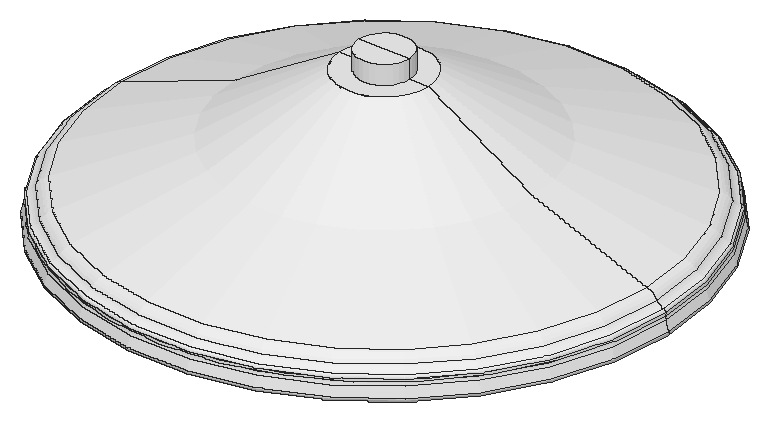
Revit family "Showerhead-DXV-Oak_Hill-D35155110_Series", category Plumbing Fixtures, Revit 2019
Family settings
  Round Connector Dimension = Use Diameter
  Part Type = Normal
  OmniClass Number = 23.45.05.14.17
  OmniClass Title = Showers
  Work Plane-Based = Yes
  Always vertical = No
  Cut with Voids When Loaded = No
  Shared = Yes
  Room Calculation Point = No
Parameters (values of type "D35155110.100")
  Width = 10"
  Waste Connection = no
  WFU = 4
  Vent Connection = no
  URL = "https://www.dxv.com/en"
  Tempered Water Connection Radius = 1/4"
  Tempered Water Connection Diameter = Tempered Water Connection Radius * 2  # 1/2"
  Tempered Water Connection = yes
  Product Page URL = ""
  Product Documentation Link = ""
  Price = "Prices may vary. Please consult Manufacturer Representative for most up-to-date price list."  # constant formula
  Model = "D35155110.100"
  Material = "Brass-DXV-100-Polished Chrome"
  Manufacturer = "DXV"
  Length = 10"
  Installation Type = "Shower Arm"
  Height = 2 99/128"
  HWFU = 3
  HW Connection = no
  Flow Rate = "1.8 GPM (638 L/min)"
  Finish = Brass-DXV-100-Polished Chrome
  Description = "10\" Rain Can Showerhead"
  Default Elevation = 0"
  Creation Date = "1/19/2021"
  CalGreen Compliant = yes
  CWFU = 3
  CW Connection = no
  CEC Compliant = yes
  Assembly Code = "D2010710"
Reference planes (in)
  plane 1 "Center (Front/Back)": y = 0
  plane 2: z = 0
  plane 3 "Center (Left/Right)": x = 0
  plane 4: x = -5
  plane 5: x = 5
  plane 6: y = 5
  plane 7: y = -5
  plane 8: z = 2.77344
  plane 9: x = -0.75
  plane 10: x = -1.52344
  plane 11: x = -2.37891
  plane 12: x = -3.21094
  plane 13: x = -4.04297
Forms (in)
  Revolve 1, solid, material "Brass-DXV-100-Polished Chrome" <- "Finish"
    sketch origin (0, 0, 0) x (1, 0, 0) y (0, 0, 1)
      loop
        line (0, 0) -> (0, 2.77344) -> (-0.4418, 2.77344) -> (-0.4418, 2.4489) -> (-0.77971, 2.4489)
        arc (-0.77971, 2.4489) -> (-2.61677, 1.37377) -> (-4.61132, 0.63047) r 12.33475
        arc (-4.61132, 0.63047) -> (-4.71358, 0.58024) -> (-4.79054, 0.49625) r 0.30762
        arc (-4.79054, 0.49625) -> (-4.84167, 0.43772) -> (-4.90882, 0.39859) r 0.24008
        arc (-4.90882, 0.39859) -> (-4.93451, 0.37838) -> (-4.94421, 0.34717) r 0.05505
        line (-4.94421, 0.34717) -> (-4.94421, 0.30505)
        arc (-4.94421, 0.30505) -> (-4.94629, 0.2734) -> (-4.95248, 0.24229) r 0.2425
        line (-4.95248, 0.24229) -> (-4.99804, 0.07223)
        arc (-4.99804, 0.07223) -> (-4.98814, 0.02245) -> (-4.94262, 0) r 0.05738
        line (-4.94262, 0) -> (0, 0)
      axis (0, 2.77344) -> (0, 0)
    angle from 0 to 360
  Revolve 2, solid
    sketch origin (0, 0, 0) x (1, 0, 0) y (0, 0, 1)
      loop
        line (-0.73437, 0) -> (-0.73437, -0.04723) -> (-0.69161, -0.04723)
        arc (-0.69161, -0.04723) -> (-0.65821, -0.0334) -> (-0.64438, 0) r 0.04723
        line (-0.64438, 0) -> (-0.73437, 0)
      axis (-0.75, 0) -> (-0.75, -0.04723)
    angle from 0 to 360
  Revolve 3, solid
    sketch origin (0, 0, 0) x (0.707107, -0.707107, 0) y (0, 0, 1)
      loop
        line (-0.73437, 0) -> (-0.73437, -0.04723) -> (-0.69161, -0.04723)
        arc (-0.69161, -0.04723) -> (-0.65821, -0.0334) -> (-0.64438, 0) r 0.04723
        line (-0.64438, 0) -> (-0.73437, 0)
      axis (-0.75, 0) -> (-0.75, -0.04723)
    angle from 0 to 360
  Revolve 4, solid
    sketch origin (0, 0, 0) x (0.707107, 0.707107, 0) y (0, 0, 1)
      loop
        line (-0.73437, 0) -> (-0.73437, -0.04723) -> (-0.69161, -0.04723)
        arc (-0.69161, -0.04723) -> (-0.65821, -0.0334) -> (-0.64438, 0) r 0.04723
        line (-0.64438, 0) -> (-0.73437, 0)
      axis (-0.75, 0) -> (-0.75, -0.04723)
    angle from 0 to 360
  Revolve 5, solid
    sketch origin (0, 0, 0) x (0, 1, 0) y (0, 0, 1)
      loop
        line (-0.73437, 0) -> (-0.73437, -0.04723) -> (-0.69161, -0.04723)
        arc (-0.69161, -0.04723) -> (-0.65821, -0.0334) -> (-0.64438, 0) r 0.04723
        line (-0.64438, 0) -> (-0.73437, 0)
      axis (-0.75, 0) -> (-0.75, -0.04723)
    angle from 0 to 360
  Revolve 6, solid
    sketch origin (0, 0, 0) x (-0.707107, 0.707107, 0) y (0, 0, 1)
      loop
        line (-0.73437, 0) -> (-0.73437, -0.04723) -> (-0.69161, -0.04723)
        arc (-0.69161, -0.04723) -> (-0.65821, -0.0334) -> (-0.64438, 0) r 0.04723
        line (-0.64438, 0) -> (-0.73437, 0)
      axis (-0.75, 0) -> (-0.75, -0.04723)
    angle from 0 to 360
  Revolve 7, solid
    sketch origin (0, 0, 0) x (-1, 0, 0) y (0, 0, 1)
      loop
        line (-0.73437, 0) -> (-0.73437, -0.04723) -> (-0.69161, -0.04723)
        arc (-0.69161, -0.04723) -> (-0.65821, -0.0334) -> (-0.64438, 0) r 0.04723
        line (-0.64438, 0) -> (-0.73437, 0)
      axis (-0.75, 0) -> (-0.75, -0.04723)
    angle from 0 to 360
  Revolve 8, solid
    sketch origin (0, 0, 0) x (-0.707107, -0.707107, 0) y (0, 0, 1)
      loop
        line (-0.73437, 0) -> (-0.73437, -0.04723) -> (-0.69161, -0.04723)
        arc (-0.69161, -0.04723) -> (-0.65821, -0.0334) -> (-0.64438, 0) r 0.04723
        line (-0.64438, 0) -> (-0.73437, 0)
      axis (-0.75, 0) -> (-0.75, -0.04723)
    angle from 0 to 360
  Revolve 9, solid
    sketch origin (0, 0, 0) x (0, -1, 0) y (0, 0, 1)
      loop
        line (-0.73437, 0) -> (-0.73437, -0.04723) -> (-0.69161, -0.04723)
        arc (-0.69161, -0.04723) -> (-0.65821, -0.0334) -> (-0.64438, 0) r 0.04723
        line (-0.64438, 0) -> (-0.73437, 0)
      axis (-0.75, 0) -> (-0.75, -0.04723)
    angle from 0 to 360
  Revolve 10, solid
    sketch origin (-0.77344, 0, 0) x (1, 0, 0) y (0, 0, 1)
      loop
        line (-0.73437, 0) -> (-0.73437, -0.04723) -> (-0.69161, -0.04723)
        arc (-0.69161, -0.04723) -> (-0.65821, -0.0334) -> (-0.64438, 0) r 0.04723
        line (-0.64438, 0) -> (-0.73437, 0)
      axis (-0.75, 0) -> (-0.75, -0.04723)
    angle from 0 to 360
  Revolve 11, solid, not visible
    sketch origin (0, 0, 0) x (1, 0, 0) y (0, 0, 1)
      loop
        line (-0.73437, 0) -> (-0.73437, -0.04723) -> (-0.69161, -0.04723)
        arc (-0.69161, -0.04723) -> (-0.65821, -0.0334) -> (-0.64438, 0) r 0.04723
        line (-0.64438, 0) -> (-0.73437, 0)
      axis (-0.75, 0) -> (-0.75, -0.04723)
    angle from 0 to 360
  Revolve 12, solid
    sketch origin (-0.66982, 0.38672, 0) x (0.866025, -0.5, 0) y (0, 0, 1)
      loop
        line (-0.73437, 0) -> (-0.73437, -0.04723) -> (-0.69161, -0.04723)
        arc (-0.69161, -0.04723) -> (-0.65821, -0.0334) -> (-0.64438, 0) r 0.04723
        line (-0.64438, 0) -> (-0.73437, 0)
      axis (-0.75, 0) -> (-0.75, -0.04723)
    angle from 0 to 360
  Revolve 13, solid
    sketch origin (-0.66982, -0.38672, 0) x (0.866025, 0.5, 0) y (0, 0, 1)
      loop
        line (-0.73437, 0) -> (-0.73437, -0.04723) -> (-0.69161, -0.04723)
        arc (-0.69161, -0.04723) -> (-0.65821, -0.0334) -> (-0.64438, 0) r 0.04723
        line (-0.64438, 0) -> (-0.73437, 0)
      axis (-0.75, 0) -> (-0.75, -0.04723)
    angle from 0 to 360
  Revolve 14, solid
    sketch origin (-0.38672, -0.66982, 0) x (0.5, 0.866025, 0) y (0, 0, 1)
      loop
        line (-0.73437, 0) -> (-0.73437, -0.04723) -> (-0.69161, -0.04723)
        arc (-0.69161, -0.04723) -> (-0.65821, -0.0334) -> (-0.64438, 0) r 0.04723
        line (-0.64438, 0) -> (-0.73437, 0)
      axis (-0.75, 0) -> (-0.75, -0.04723)
    angle from 0 to 360
  Revolve 15, solid
    sketch origin (0, -0.77344, 0) x (0, 1, 0) y (0, 0, 1)
      loop
        line (-0.73437, 0) -> (-0.73437, -0.04723) -> (-0.69161, -0.04723)
        arc (-0.69161, -0.04723) -> (-0.65821, -0.0334) -> (-0.64438, 0) r 0.04723
        line (-0.64438, 0) -> (-0.73437, 0)
      axis (-0.75, 0) -> (-0.75, -0.04723)
    angle from 0 to 360
  Revolve 16, solid
    sketch origin (0.38672, -0.66982, 0) x (-0.5, 0.866025, 0) y (0, 0, 1)
      loop
        line (-0.73437, 0) -> (-0.73437, -0.04723) -> (-0.69161, -0.04723)
        arc (-0.69161, -0.04723) -> (-0.65821, -0.0334) -> (-0.64438, 0) r 0.04723
        line (-0.64438, 0) -> (-0.73437, 0)
      axis (-0.75, 0) -> (-0.75, -0.04723)
    angle from 0 to 360
  Revolve 17, solid
    sketch origin (0.66982, -0.38672, 0) x (-0.866025, 0.5, 0) y (0, 0, 1)
      loop
        line (-0.73437, 0) -> (-0.73437, -0.04723) -> (-0.69161, -0.04723)
        arc (-0.69161, -0.04723) -> (-0.65821, -0.0334) -> (-0.64438, 0) r 0.04723
        line (-0.64438, 0) -> (-0.73437, 0)
      axis (-0.75, 0) -> (-0.75, -0.04723)
    angle from 0 to 360
  Revolve 18, solid
    sketch origin (0.77344, 0, 0) x (-1, 0, 0) y (0, 0, 1)
      loop
        line (-0.73437, 0) -> (-0.73437, -0.04723) -> (-0.69161, -0.04723)
        arc (-0.69161, -0.04723) -> (-0.65821, -0.0334) -> (-0.64438, 0) r 0.04723
        line (-0.64438, 0) -> (-0.73437, 0)
      axis (-0.75, 0) -> (-0.75, -0.04723)
    angle from 0 to 360
  Revolve 19, solid
    sketch origin (0.66982, 0.38672, 0) x (-0.866025, -0.5, 0) y (0, 0, 1)
      loop
        line (-0.73437, 0) -> (-0.73437, -0.04723) -> (-0.69161, -0.04723)
        arc (-0.69161, -0.04723) -> (-0.65821, -0.0334) -> (-0.64438, 0) r 0.04723
        line (-0.64438, 0) -> (-0.73437, 0)
      axis (-0.75, 0) -> (-0.75, -0.04723)
    angle from 0 to 360
  Revolve 20, solid
    sketch origin (0.38672, 0.66982, 0) x (-0.5, -0.866025, 0) y (0, 0, 1)
      loop
        line (-0.73437, 0) -> (-0.73437, -0.04723) -> (-0.69161, -0.04723)
        arc (-0.69161, -0.04723) -> (-0.65821, -0.0334) -> (-0.64438, 0) r 0.04723
        line (-0.64438, 0) -> (-0.73437, 0)
      axis (-0.75, 0) -> (-0.75, -0.04723)
    angle from 0 to 360
  Revolve 21, solid
    sketch origin (0, 0.77344, 0) x (0, -1, 0) y (0, 0, 1)
      loop
        line (-0.73437, 0) -> (-0.73437, -0.04723) -> (-0.69161, -0.04723)
        arc (-0.69161, -0.04723) -> (-0.65821, -0.0334) -> (-0.64438, 0) r 0.04723
        line (-0.64438, 0) -> (-0.73437, 0)
      axis (-0.75, 0) -> (-0.75, -0.04723)
    angle from 0 to 360
  Revolve 22, solid
    sketch origin (-0.38672, 0.66982, 0) x (0.5, -0.866025, 0) y (0, 0, 1)
      loop
        line (-0.73437, 0) -> (-0.73437, -0.04723) -> (-0.69161, -0.04723)
        arc (-0.69161, -0.04723) -> (-0.65821, -0.0334) -> (-0.64438, 0) r 0.04723
        line (-0.64438, 0) -> (-0.73437, 0)
      axis (-0.75, 0) -> (-0.75, -0.04723)
    angle from 0 to 360
  Revolve 23, solid
    sketch origin (-1.62891, 0, 0) x (1, 0, 0) y (0, 0, 1)
      loop
        line (-0.73437, 0) -> (-0.73437, -0.04723) -> (-0.69161, -0.04723)
        arc (-0.69161, -0.04723) -> (-0.65821, -0.0334) -> (-0.64438, 0) r 0.04723
        line (-0.64438, 0) -> (-0.73437, 0)
      axis (-0.75, 0) -> (-0.75, -0.04723)
    angle from 0 to 360
  Revolve 24, solid
    sketch origin (-2.46094, 0, 0) x (1, 0, 0) y (0, 0, 1)
      loop
        line (-0.73437, 0) -> (-0.73437, -0.04723) -> (-0.69161, -0.04723)
        arc (-0.69161, -0.04723) -> (-0.65821, -0.0334) -> (-0.64438, 0) r 0.04723
        line (-0.64438, 0) -> (-0.73437, 0)
      axis (-0.75, 0) -> (-0.75, -0.04723)
    angle from 0 to 360
  Revolve 25, solid
    sketch origin (-3.29297, 0, 0) x (1, 0, 0) y (0, 0, 1)
      loop
        line (-0.73437, 0) -> (-0.73437, -0.04723) -> (-0.69161, -0.04723)
        arc (-0.69161, -0.04723) -> (-0.65821, -0.0334) -> (-0.64438, 0) r 0.04723
        line (-0.64438, 0) -> (-0.73437, 0)
      axis (-0.75, 0) -> (-0.75, -0.04723)
    angle from 0 to 360
  Revolve 26, solid
    sketch origin (-1.50491, 0.62336, 0) x (0.92388, -0.382683, 0) y (0, 0, 1)
      loop
        line (-0.73437, 0) -> (-0.73437, -0.04723) -> (-0.69161, -0.04723)
        arc (-0.69161, -0.04723) -> (-0.65821, -0.0334) -> (-0.64438, 0) r 0.04723
        line (-0.64438, 0) -> (-0.73437, 0)
      axis (-0.75, 0) -> (-0.75, -0.04723)
    angle from 0 to 360
  Revolve 27, solid
    sketch origin (-1.50491, -0.62336, 0) x (0.92388, 0.382683, 0) y (0, 0, 1)
      loop
        line (-0.73437, 0) -> (-0.73437, -0.04723) -> (-0.69161, -0.04723)
        arc (-0.69161, -0.04723) -> (-0.65821, -0.0334) -> (-0.64438, 0) r 0.04723
        line (-0.64438, 0) -> (-0.73437, 0)
      axis (-0.75, 0) -> (-0.75, -0.04723)
    angle from 0 to 360
  Revolve 28, solid
    sketch origin (-1.15181, -1.15181, 0) x (0.707107, 0.707107, 0) y (0, 0, 1)
      loop
        line (-0.73437, 0) -> (-0.73437, -0.04723) -> (-0.69161, -0.04723)
        arc (-0.69161, -0.04723) -> (-0.65821, -0.0334) -> (-0.64438, 0) r 0.04723
        line (-0.64438, 0) -> (-0.73437, 0)
      axis (-0.75, 0) -> (-0.75, -0.04723)
    angle from 0 to 360
  Revolve 29, solid
    sketch origin (-0.62336, -1.50491, 0) x (0.382683, 0.92388, 0) y (0, 0, 1)
      loop
        line (-0.73437, 0) -> (-0.73437, -0.04723) -> (-0.69161, -0.04723)
        arc (-0.69161, -0.04723) -> (-0.65821, -0.0334) -> (-0.64438, 0) r 0.04723
        line (-0.64438, 0) -> (-0.73437, 0)
      axis (-0.75, 0) -> (-0.75, -0.04723)
    angle from 0 to 360
  Revolve 30, solid
    sketch origin (0, -1.62891, 0) x (0, 1, 0) y (0, 0, 1)
      loop
        line (-0.73437, 0) -> (-0.73437, -0.04723) -> (-0.69161, -0.04723)
        arc (-0.69161, -0.04723) -> (-0.65821, -0.0334) -> (-0.64438, 0) r 0.04723
        line (-0.64438, 0) -> (-0.73437, 0)
      axis (-0.75, 0) -> (-0.75, -0.04723)
    angle from 0 to 360
  Revolve 31, solid
    sketch origin (0.62336, -1.50491, 0) x (-0.382683, 0.92388, 0) y (0, 0, 1)
      loop
        line (-0.73437, 0) -> (-0.73437, -0.04723) -> (-0.69161, -0.04723)
        arc (-0.69161, -0.04723) -> (-0.65821, -0.0334) -> (-0.64438, 0) r 0.04723
        line (-0.64438, 0) -> (-0.73437, 0)
      axis (-0.75, 0) -> (-0.75, -0.04723)
    angle from 0 to 360
  Revolve 32, solid
    sketch origin (1.15181, -1.15181, 0) x (-0.707107, 0.707107, 0) y (0, 0, 1)
      loop
        line (-0.73437, 0) -> (-0.73437, -0.04723) -> (-0.69161, -0.04723)
        arc (-0.69161, -0.04723) -> (-0.65821, -0.0334) -> (-0.64438, 0) r 0.04723
        line (-0.64438, 0) -> (-0.73437, 0)
      axis (-0.75, 0) -> (-0.75, -0.04723)
    angle from 0 to 360
  Revolve 33, solid
    sketch origin (1.50491, -0.62336, 0) x (-0.92388, 0.382683, 0) y (0, 0, 1)
      loop
        line (-0.73437, 0) -> (-0.73437, -0.04723) -> (-0.69161, -0.04723)
        arc (-0.69161, -0.04723) -> (-0.65821, -0.0334) -> (-0.64438, 0) r 0.04723
        line (-0.64438, 0) -> (-0.73437, 0)
      axis (-0.75, 0) -> (-0.75, -0.04723)
    angle from 0 to 360
  Revolve 34, solid
    sketch origin (1.62891, 0, 0) x (-1, 0, 0) y (0, 0, 1)
      loop
        line (-0.73437, 0) -> (-0.73437, -0.04723) -> (-0.69161, -0.04723)
        arc (-0.69161, -0.04723) -> (-0.65821, -0.0334) -> (-0.64438, 0) r 0.04723
        line (-0.64438, 0) -> (-0.73437, 0)
      axis (-0.75, 0) -> (-0.75, -0.04723)
    angle from 0 to 360
  Revolve 35, solid
    sketch origin (1.50491, 0.62336, 0) x (-0.92388, -0.382683, 0) y (0, 0, 1)
      loop
        line (-0.73437, 0) -> (-0.73437, -0.04723) -> (-0.69161, -0.04723)
        arc (-0.69161, -0.04723) -> (-0.65821, -0.0334) -> (-0.64438, 0) r 0.04723
        line (-0.64438, 0) -> (-0.73437, 0)
      axis (-0.75, 0) -> (-0.75, -0.04723)
    angle from 0 to 360
  Revolve 36, solid
    sketch origin (1.15181, 1.15181, 0) x (-0.707107, -0.707107, 0) y (0, 0, 1)
      loop
        line (-0.73437, 0) -> (-0.73437, -0.04723) -> (-0.69161, -0.04723)
        arc (-0.69161, -0.04723) -> (-0.65821, -0.0334) -> (-0.64438, 0) r 0.04723
        line (-0.64438, 0) -> (-0.73437, 0)
      axis (-0.75, 0) -> (-0.75, -0.04723)
    angle from 0 to 360
  Revolve 37, solid
    sketch origin (0.62336, 1.50491, 0) x (-0.382683, -0.92388, 0) y (0, 0, 1)
      loop
        line (-0.73437, 0) -> (-0.73437, -0.04723) -> (-0.69161, -0.04723)
        arc (-0.69161, -0.04723) -> (-0.65821, -0.0334) -> (-0.64438, 0) r 0.04723
        line (-0.64438, 0) -> (-0.73437, 0)
      axis (-0.75, 0) -> (-0.75, -0.04723)
    angle from 0 to 360
  Revolve 38, solid
    sketch origin (0, 1.62891, 0) x (0, -1, 0) y (0, 0, 1)
      loop
        line (-0.73437, 0) -> (-0.73437, -0.04723) -> (-0.69161, -0.04723)
        arc (-0.69161, -0.04723) -> (-0.65821, -0.0334) -> (-0.64438, 0) r 0.04723
        line (-0.64438, 0) -> (-0.73437, 0)
      axis (-0.75, 0) -> (-0.75, -0.04723)
    angle from 0 to 360
  Revolve 39, solid
    sketch origin (-0.62336, 1.50491, 0) x (0.382683, -0.92388, 0) y (0, 0, 1)
      loop
        line (-0.73437, 0) -> (-0.73437, -0.04723) -> (-0.69161, -0.04723)
        arc (-0.69161, -0.04723) -> (-0.65821, -0.0334) -> (-0.64438, 0) r 0.04723
        line (-0.64438, 0) -> (-0.73437, 0)
      axis (-0.75, 0) -> (-0.75, -0.04723)
    angle from 0 to 360
  Revolve 40, solid
    sketch origin (-1.15181, 1.15181, 0) x (0.707107, -0.707107, 0) y (0, 0, 1)
      loop
        line (-0.73437, 0) -> (-0.73437, -0.04723) -> (-0.69161, -0.04723)
        arc (-0.69161, -0.04723) -> (-0.65821, -0.0334) -> (-0.64438, 0) r 0.04723
        line (-0.64438, 0) -> (-0.73437, 0)
      axis (-0.75, 0) -> (-0.75, -0.04723)
    angle from 0 to 360
  Revolve 41, solid
    sketch origin (-2.34049, 0.76047, 0) x (0.951057, -0.309017, 0) y (0, 0, 1)
      loop
        line (-0.73437, 0) -> (-0.73437, -0.04723) -> (-0.69161, -0.04723)
        arc (-0.69161, -0.04723) -> (-0.65821, -0.0334) -> (-0.64438, 0) r 0.04723
        line (-0.64438, 0) -> (-0.73437, 0)
      axis (-0.75, 0) -> (-0.75, -0.04723)
    angle from 0 to 360
  Revolve 42, solid
    sketch origin (-2.34049, -0.76047, 0) x (0.951057, 0.309017, 0) y (0, 0, 1)
      loop
        line (-0.73437, 0) -> (-0.73437, -0.04723) -> (-0.69161, -0.04723)
        arc (-0.69161, -0.04723) -> (-0.65821, -0.0334) -> (-0.64438, 0) r 0.04723
        line (-0.64438, 0) -> (-0.73437, 0)
      axis (-0.75, 0) -> (-0.75, -0.04723)
    angle from 0 to 360
  Revolve 43, solid
    sketch origin (-1.99094, -1.4465, 0) x (0.809017, 0.587785, 0) y (0, 0, 1)
      loop
        line (-0.73437, 0) -> (-0.73437, -0.04723) -> (-0.69161, -0.04723)
        arc (-0.69161, -0.04723) -> (-0.65821, -0.0334) -> (-0.64438, 0) r 0.04723
        line (-0.64438, 0) -> (-0.73437, 0)
      axis (-0.75, 0) -> (-0.75, -0.04723)
    angle from 0 to 360
  Revolve 44, solid
    sketch origin (-1.4465, -1.99094, 0) x (0.587785, 0.809017, 0) y (0, 0, 1)
      loop
        line (-0.73437, 0) -> (-0.73437, -0.04723) -> (-0.69161, -0.04723)
        arc (-0.69161, -0.04723) -> (-0.65821, -0.0334) -> (-0.64438, 0) r 0.04723
        line (-0.64438, 0) -> (-0.73437, 0)
      axis (-0.75, 0) -> (-0.75, -0.04723)
    angle from 0 to 360
  Revolve 45, solid
    sketch origin (-0.76047, -2.34049, 0) x (0.309017, 0.951057, 0) y (0, 0, 1)
      loop
        line (-0.73437, 0) -> (-0.73437, -0.04723) -> (-0.69161, -0.04723)
        arc (-0.69161, -0.04723) -> (-0.65821, -0.0334) -> (-0.64438, 0) r 0.04723
        line (-0.64438, 0) -> (-0.73437, 0)
      axis (-0.75, 0) -> (-0.75, -0.04723)
    angle from 0 to 360
  Revolve 46, solid
    sketch origin (0, -2.46094, 0) x (0, 1, 0) y (0, 0, 1)
      loop
        line (-0.73437, 0) -> (-0.73437, -0.04723) -> (-0.69161, -0.04723)
        arc (-0.69161, -0.04723) -> (-0.65821, -0.0334) -> (-0.64438, 0) r 0.04723
        line (-0.64438, 0) -> (-0.73437, 0)
      axis (-0.75, 0) -> (-0.75, -0.04723)
    angle from 0 to 360
  Revolve 47, solid
    sketch origin (0.76047, -2.34049, 0) x (-0.309017, 0.951057, 0) y (0, 0, 1)
      loop
        line (-0.73437, 0) -> (-0.73437, -0.04723) -> (-0.69161, -0.04723)
        arc (-0.69161, -0.04723) -> (-0.65821, -0.0334) -> (-0.64438, 0) r 0.04723
        line (-0.64438, 0) -> (-0.73437, 0)
      axis (-0.75, 0) -> (-0.75, -0.04723)
    angle from 0 to 360
  Revolve 48, solid
    sketch origin (1.4465, -1.99094, 0) x (-0.587785, 0.809017, 0) y (0, 0, 1)
      loop
        line (-0.73437, 0) -> (-0.73437, -0.04723) -> (-0.69161, -0.04723)
        arc (-0.69161, -0.04723) -> (-0.65821, -0.0334) -> (-0.64438, 0) r 0.04723
        line (-0.64438, 0) -> (-0.73437, 0)
      axis (-0.75, 0) -> (-0.75, -0.04723)
    angle from 0 to 360
  Revolve 49, solid
    sketch origin (1.99094, -1.4465, 0) x (-0.809017, 0.587785, 0) y (0, 0, 1)
      loop
        line (-0.73437, 0) -> (-0.73437, -0.04723) -> (-0.69161, -0.04723)
        arc (-0.69161, -0.04723) -> (-0.65821, -0.0334) -> (-0.64438, 0) r 0.04723
        line (-0.64438, 0) -> (-0.73437, 0)
      axis (-0.75, 0) -> (-0.75, -0.04723)
    angle from 0 to 360
  Revolve 50, solid
    sketch origin (2.34049, -0.76047, 0) x (-0.951057, 0.309017, 0) y (0, 0, 1)
      loop
        line (-0.73437, 0) -> (-0.73437, -0.04723) -> (-0.69161, -0.04723)
        arc (-0.69161, -0.04723) -> (-0.65821, -0.0334) -> (-0.64438, 0) r 0.04723
        line (-0.64438, 0) -> (-0.73437, 0)
      axis (-0.75, 0) -> (-0.75, -0.04723)
    angle from 0 to 360
  Revolve 51, solid
    sketch origin (2.46094, 0, 0) x (-1, 0, 0) y (0, 0, 1)
      loop
        line (-0.73437, 0) -> (-0.73437, -0.04723) -> (-0.69161, -0.04723)
        arc (-0.69161, -0.04723) -> (-0.65821, -0.0334) -> (-0.64438, 0) r 0.04723
        line (-0.64438, 0) -> (-0.73437, 0)
      axis (-0.75, 0) -> (-0.75, -0.04723)
    angle from 0 to 360
  Revolve 52, solid
    sketch origin (2.34049, 0.76047, 0) x (-0.951057, -0.309017, 0) y (0, 0, 1)
      loop
        line (-0.73437, 0) -> (-0.73437, -0.04723) -> (-0.69161, -0.04723)
        arc (-0.69161, -0.04723) -> (-0.65821, -0.0334) -> (-0.64438, 0) r 0.04723
        line (-0.64438, 0) -> (-0.73437, 0)
      axis (-0.75, 0) -> (-0.75, -0.04723)
    angle from 0 to 360
  Revolve 53, solid
    sketch origin (1.99094, 1.4465, 0) x (-0.809017, -0.587785, 0) y (0, 0, 1)
      loop
        line (-0.73437, 0) -> (-0.73437, -0.04723) -> (-0.69161, -0.04723)
        arc (-0.69161, -0.04723) -> (-0.65821, -0.0334) -> (-0.64438, 0) r 0.04723
        line (-0.64438, 0) -> (-0.73437, 0)
      axis (-0.75, 0) -> (-0.75, -0.04723)
    angle from 0 to 360
  Revolve 54, solid
    sketch origin (1.4465, 1.99094, 0) x (-0.587785, -0.809017, 0) y (0, 0, 1)
      loop
        line (-0.73437, 0) -> (-0.73437, -0.04723) -> (-0.69161, -0.04723)
        arc (-0.69161, -0.04723) -> (-0.65821, -0.0334) -> (-0.64438, 0) r 0.04723
        line (-0.64438, 0) -> (-0.73437, 0)
      axis (-0.75, 0) -> (-0.75, -0.04723)
    angle from 0 to 360
  Revolve 55, solid
    sketch origin (0.76047, 2.34049, 0) x (-0.309017, -0.951057, 0) y (0, 0, 1)
      loop
        line (-0.73437, 0) -> (-0.73437, -0.04723) -> (-0.69161, -0.04723)
        arc (-0.69161, -0.04723) -> (-0.65821, -0.0334) -> (-0.64438, 0) r 0.04723
        line (-0.64438, 0) -> (-0.73437, 0)
      axis (-0.75, 0) -> (-0.75, -0.04723)
    angle from 0 to 360
  Revolve 56, solid
    sketch origin (0, 2.46094, 0) x (0, -1, 0) y (0, 0, 1)
      loop
        line (-0.73437, 0) -> (-0.73437, -0.04723) -> (-0.69161, -0.04723)
        arc (-0.69161, -0.04723) -> (-0.65821, -0.0334) -> (-0.64438, 0) r 0.04723
        line (-0.64438, 0) -> (-0.73437, 0)
      axis (-0.75, 0) -> (-0.75, -0.04723)
    angle from 0 to 360
  Revolve 57, solid
    sketch origin (-0.76047, 2.34049, 0) x (0.309017, -0.951057, 0) y (0, 0, 1)
      loop
        line (-0.73437, 0) -> (-0.73437, -0.04723) -> (-0.69161, -0.04723)
        arc (-0.69161, -0.04723) -> (-0.65821, -0.0334) -> (-0.64438, 0) r 0.04723
        line (-0.64438, 0) -> (-0.73437, 0)
      axis (-0.75, 0) -> (-0.75, -0.04723)
    angle from 0 to 360
  Revolve 58, solid
    sketch origin (-1.4465, 1.99094, 0) x (0.587785, -0.809017, 0) y (0, 0, 1)
      loop
        line (-0.73437, 0) -> (-0.73437, -0.04723) -> (-0.69161, -0.04723)
        arc (-0.69161, -0.04723) -> (-0.65821, -0.0334) -> (-0.64438, 0) r 0.04723
        line (-0.64438, 0) -> (-0.73437, 0)
      axis (-0.75, 0) -> (-0.75, -0.04723)
    angle from 0 to 360
  Revolve 59, solid
    sketch origin (-1.99094, 1.4465, 0) x (0.809017, -0.587785, 0) y (0, 0, 1)
      loop
        line (-0.73437, 0) -> (-0.73437, -0.04723) -> (-0.69161, -0.04723)
        arc (-0.69161, -0.04723) -> (-0.65821, -0.0334) -> (-0.64438, 0) r 0.04723
        line (-0.64438, 0) -> (-0.73437, 0)
      axis (-0.75, 0) -> (-0.75, -0.04723)
    angle from 0 to 360
  Revolve 60, solid
    sketch origin (-3.18076, 0.85228, 0) x (0.965926, -0.258819, 0) y (0, 0, 1)
      loop
        line (-0.73437, 0) -> (-0.73437, -0.04723) -> (-0.69161, -0.04723)
        arc (-0.69161, -0.04723) -> (-0.65821, -0.0334) -> (-0.64438, 0) r 0.04723
        line (-0.64438, 0) -> (-0.73437, 0)
      axis (-0.75, 0) -> (-0.75, -0.04723)
    angle from 0 to 360
  Revolve 61, solid
    sketch origin (-3.18076, -0.85228, 0) x (0.965926, 0.258819, 0) y (0, 0, 1)
      loop
        line (-0.73437, 0) -> (-0.73437, -0.04723) -> (-0.69161, -0.04723)
        arc (-0.69161, -0.04723) -> (-0.65821, -0.0334) -> (-0.64438, 0) r 0.04723
        line (-0.64438, 0) -> (-0.73437, 0)
      axis (-0.75, 0) -> (-0.75, -0.04723)
    angle from 0 to 360
  Revolve 62, solid
    sketch origin (-2.85179, -1.64648, 0) x (0.866025, 0.5, 0) y (0, 0, 1)
      loop
        line (-0.73437, 0) -> (-0.73437, -0.04723) -> (-0.69161, -0.04723)
        arc (-0.69161, -0.04723) -> (-0.65821, -0.0334) -> (-0.64438, 0) r 0.04723
        line (-0.64438, 0) -> (-0.73437, 0)
      axis (-0.75, 0) -> (-0.75, -0.04723)
    angle from 0 to 360
  Revolve 63, solid
    sketch origin (-2.32848, -2.32848, 0) x (0.707107, 0.707107, 0) y (0, 0, 1)
      loop
        line (-0.73437, 0) -> (-0.73437, -0.04723) -> (-0.69161, -0.04723)
        arc (-0.69161, -0.04723) -> (-0.65821, -0.0334) -> (-0.64438, 0) r 0.04723
        line (-0.64438, 0) -> (-0.73437, 0)
      axis (-0.75, 0) -> (-0.75, -0.04723)
    angle from 0 to 360
  Revolve 64, solid
    sketch origin (-1.64648, -2.85179, 0) x (0.5, 0.866025, 0) y (0, 0, 1)
      loop
        line (-0.73437, 0) -> (-0.73437, -0.04723) -> (-0.69161, -0.04723)
        arc (-0.69161, -0.04723) -> (-0.65821, -0.0334) -> (-0.64438, 0) r 0.04723
        line (-0.64438, 0) -> (-0.73437, 0)
      axis (-0.75, 0) -> (-0.75, -0.04723)
    angle from 0 to 360
  Revolve 65, solid
    sketch origin (-0.85228, -3.18076, 0) x (0.258819, 0.965926, 0) y (0, 0, 1)
      loop
        line (-0.73437, 0) -> (-0.73437, -0.04723) -> (-0.69161, -0.04723)
        arc (-0.69161, -0.04723) -> (-0.65821, -0.0334) -> (-0.64438, 0) r 0.04723
        line (-0.64438, 0) -> (-0.73437, 0)
      axis (-0.75, 0) -> (-0.75, -0.04723)
    angle from 0 to 360
  Revolve 66, solid
    sketch origin (0, -3.29297, 0) x (0, 1, 0) y (0, 0, 1)
      loop
        line (-0.73437, 0) -> (-0.73437, -0.04723) -> (-0.69161, -0.04723)
        arc (-0.69161, -0.04723) -> (-0.65821, -0.0334) -> (-0.64438, 0) r 0.04723
        line (-0.64438, 0) -> (-0.73437, 0)
      axis (-0.75, 0) -> (-0.75, -0.04723)
    angle from 0 to 360
  Revolve 67, solid
    sketch origin (0.85228, -3.18076, 0) x (-0.258819, 0.965926, 0) y (0, 0, 1)
      loop
        line (-0.73437, 0) -> (-0.73437, -0.04723) -> (-0.69161, -0.04723)
        arc (-0.69161, -0.04723) -> (-0.65821, -0.0334) -> (-0.64438, 0) r 0.04723
        line (-0.64438, 0) -> (-0.73437, 0)
      axis (-0.75, 0) -> (-0.75, -0.04723)
    angle from 0 to 360
  Revolve 68, solid
    sketch origin (1.64648, -2.85179, 0) x (-0.5, 0.866025, 0) y (0, 0, 1)
      loop
        line (-0.73437, 0) -> (-0.73437, -0.04723) -> (-0.69161, -0.04723)
        arc (-0.69161, -0.04723) -> (-0.65821, -0.0334) -> (-0.64438, 0) r 0.04723
        line (-0.64438, 0) -> (-0.73437, 0)
      axis (-0.75, 0) -> (-0.75, -0.04723)
    angle from 0 to 360
  Revolve 69, solid
    sketch origin (2.32848, -2.32848, 0) x (-0.707107, 0.707107, 0) y (0, 0, 1)
      loop
        line (-0.73437, 0) -> (-0.73437, -0.04723) -> (-0.69161, -0.04723)
        arc (-0.69161, -0.04723) -> (-0.65821, -0.0334) -> (-0.64438, 0) r 0.04723
        line (-0.64438, 0) -> (-0.73437, 0)
      axis (-0.75, 0) -> (-0.75, -0.04723)
    angle from 0 to 360
  Revolve 70, solid
    sketch origin (2.85179, -1.64648, 0) x (-0.866025, 0.5, 0) y (0, 0, 1)
      loop
        line (-0.73437, 0) -> (-0.73437, -0.04723) -> (-0.69161, -0.04723)
        arc (-0.69161, -0.04723) -> (-0.65821, -0.0334) -> (-0.64438, 0) r 0.04723
        line (-0.64438, 0) -> (-0.73437, 0)
      axis (-0.75, 0) -> (-0.75, -0.04723)
    angle from 0 to 360
  Revolve 71, solid
    sketch origin (3.18076, -0.85228, 0) x (-0.965926, 0.258819, 0) y (0, 0, 1)
      loop
        line (-0.73437, 0) -> (-0.73437, -0.04723) -> (-0.69161, -0.04723)
        arc (-0.69161, -0.04723) -> (-0.65821, -0.0334) -> (-0.64438, 0) r 0.04723
        line (-0.64438, 0) -> (-0.73437, 0)
      axis (-0.75, 0) -> (-0.75, -0.04723)
    angle from 0 to 360
  Revolve 72, solid
    sketch origin (3.29297, 0, 0) x (-1, 0, 0) y (0, 0, 1)
      loop
        line (-0.73437, 0) -> (-0.73437, -0.04723) -> (-0.69161, -0.04723)
        arc (-0.69161, -0.04723) -> (-0.65821, -0.0334) -> (-0.64438, 0) r 0.04723
        line (-0.64438, 0) -> (-0.73437, 0)
      axis (-0.75, 0) -> (-0.75, -0.04723)
    angle from 0 to 360
  Revolve 73, solid
    sketch origin (3.18076, 0.85228, 0) x (-0.965926, -0.258819, 0) y (0, 0, 1)
      loop
        line (-0.73437, 0) -> (-0.73437, -0.04723) -> (-0.69161, -0.04723)
        arc (-0.69161, -0.04723) -> (-0.65821, -0.0334) -> (-0.64438, 0) r 0.04723
        line (-0.64438, 0) -> (-0.73437, 0)
      axis (-0.75, 0) -> (-0.75, -0.04723)
    angle from 0 to 360
  Revolve 74, solid
    sketch origin (2.85179, 1.64648, 0) x (-0.866025, -0.5, 0) y (0, 0, 1)
      loop
        line (-0.73437, 0) -> (-0.73437, -0.04723) -> (-0.69161, -0.04723)
        arc (-0.69161, -0.04723) -> (-0.65821, -0.0334) -> (-0.64438, 0) r 0.04723
        line (-0.64438, 0) -> (-0.73437, 0)
      axis (-0.75, 0) -> (-0.75, -0.04723)
    angle from 0 to 360
  Revolve 75, solid
    sketch origin (2.32848, 2.32848, 0) x (-0.707107, -0.707107, 0) y (0, 0, 1)
      loop
        line (-0.73437, 0) -> (-0.73437, -0.04723) -> (-0.69161, -0.04723)
        arc (-0.69161, -0.04723) -> (-0.65821, -0.0334) -> (-0.64438, 0) r 0.04723
        line (-0.64438, 0) -> (-0.73437, 0)
      axis (-0.75, 0) -> (-0.75, -0.04723)
    angle from 0 to 360
  Revolve 76, solid
    sketch origin (1.64648, 2.85179, 0) x (-0.5, -0.866025, 0) y (0, 0, 1)
      loop
        line (-0.73437, 0) -> (-0.73437, -0.04723) -> (-0.69161, -0.04723)
        arc (-0.69161, -0.04723) -> (-0.65821, -0.0334) -> (-0.64438, 0) r 0.04723
        line (-0.64438, 0) -> (-0.73437, 0)
      axis (-0.75, 0) -> (-0.75, -0.04723)
    angle from 0 to 360
  Revolve 77, solid
    sketch origin (0.85228, 3.18076, 0) x (-0.258819, -0.965926, 0) y (0, 0, 1)
      loop
        line (-0.73437, 0) -> (-0.73437, -0.04723) -> (-0.69161, -0.04723)
        arc (-0.69161, -0.04723) -> (-0.65821, -0.0334) -> (-0.64438, 0) r 0.04723
        line (-0.64438, 0) -> (-0.73437, 0)
      axis (-0.75, 0) -> (-0.75, -0.04723)
    angle from 0 to 360
  Revolve 78, solid
    sketch origin (0, 3.29297, 0) x (0, -1, 0) y (0, 0, 1)
      loop
        line (-0.73437, 0) -> (-0.73437, -0.04723) -> (-0.69161, -0.04723)
        arc (-0.69161, -0.04723) -> (-0.65821, -0.0334) -> (-0.64438, 0) r 0.04723
        line (-0.64438, 0) -> (-0.73437, 0)
      axis (-0.75, 0) -> (-0.75, -0.04723)
    angle from 0 to 360
  Revolve 79, solid
    sketch origin (-0.85228, 3.18076, 0) x (0.258819, -0.965926, 0) y (0, 0, 1)
      loop
        line (-0.73437, 0) -> (-0.73437, -0.04723) -> (-0.69161, -0.04723)
        arc (-0.69161, -0.04723) -> (-0.65821, -0.0334) -> (-0.64438, 0) r 0.04723
        line (-0.64438, 0) -> (-0.73437, 0)
      axis (-0.75, 0) -> (-0.75, -0.04723)
    angle from 0 to 360
  Revolve 80, solid
    sketch origin (-1.64648, 2.85179, 0) x (0.5, -0.866025, 0) y (0, 0, 1)
      loop
        line (-0.73437, 0) -> (-0.73437, -0.04723) -> (-0.69161, -0.04723)
        arc (-0.69161, -0.04723) -> (-0.65821, -0.0334) -> (-0.64438, 0) r 0.04723
        line (-0.64438, 0) -> (-0.73437, 0)
      axis (-0.75, 0) -> (-0.75, -0.04723)
    angle from 0 to 360
  Revolve 81, solid
    sketch origin (-2.32848, 2.32848, 0) x (0.707107, -0.707107, 0) y (0, 0, 1)
      loop
        line (-0.73437, 0) -> (-0.73437, -0.04723) -> (-0.69161, -0.04723)
        arc (-0.69161, -0.04723) -> (-0.65821, -0.0334) -> (-0.64438, 0) r 0.04723
        line (-0.64438, 0) -> (-0.73437, 0)
      axis (-0.75, 0) -> (-0.75, -0.04723)
    angle from 0 to 360
  Revolve 82, solid
    sketch origin (-2.85179, 1.64648, 0) x (0.866025, -0.5, 0) y (0, 0, 1)
      loop
        line (-0.73437, 0) -> (-0.73437, -0.04723) -> (-0.69161, -0.04723)
        arc (-0.69161, -0.04723) -> (-0.65821, -0.0334) -> (-0.64438, 0) r 0.04723
        line (-0.64438, 0) -> (-0.73437, 0)
      axis (-0.75, 0) -> (-0.75, -0.04723)
    angle from 0 to 360
Lines and regions (in)
  Masking region 1
    outline origin (0, 0, 0) x (1, 0, 0) y (0, 1, 0)
      loop
        circle (0, 0) r 5
  symbolic lines, detail levels medium+fine
    curve 1: arc (-0.4418, 0, 0) -> (0, 0.4418, 0) -> (0.4418, 0, 0) r 0.4418
    curve 2: arc (0.4418, 0, 0) -> (0, -0.4418, 0) -> (-0.4418, 0, 0) r 0.4418
  symbolic lines, detail levels fine
    curve 3: arc (0.77971, 0, 0) -> (0, 0.77971, 0) -> (-0.77971, 0, 0) r 0.77971
    curve 4: arc (-0.77971, 0, 0) -> (0, -0.77971, 0) -> (0.77971, 0, 0) r 0.77971
Dimensions and locks (in)
  equal spacing: plane 4, plane 3 "Center (Left/Right)", plane 5
  "Width": plane 4 to plane 5
  equal spacing: plane 6, plane 1 "Center (Front/Back)", plane 7
  "Length": plane 6 to plane 7
  "Height": plane 8 to level
  aligned and locked: curve 1 to Revolve 1
  aligned and locked: curve 2 to Revolve 1
  aligned and locked: curve 3 to Revolve 1
  aligned and locked: curve 4 to Revolve 1
Automatic sketch dimensions
  Revolve 1 sketch curve to level = 0"
  Revolve 1 sketch curve to plane 8 = 0"
  Revolve 1 sketch curve to plane 3 "Center (Left/Right)" = 0"  (x2)
  Revolve 1 sketch curve to Revolve 1 sketch curve = 0.4418"
  Revolve 1 sketch curve to Revolve 1 sketch curve = 0.33791"
  plane 4 to Revolve 1 sketch curve = 0.47083"
  plane 4 to Revolve 1 sketch curve = 0.11084"
  plane 4 to Revolve 1 sketch curve = 0.05738"
  plane 4 to Revolve 1 sketch curve = 0.05579"
  plane 4 to Revolve 1 sketch curve = 0.04752"
  plane 4 to Revolve 1 sketch curve = 0.00547"
  plane 4 to Revolve 1 sketch curve = 0.00196"
  Revolve 1 sketch curve to plane 4 = 0.18671"
  Revolve 1 sketch curve to plane 4 = 2.90532"
  Revolve 1 sketch curve to Revolve 1 sketch curve = 0.05738"
  Revolve 1 sketch curve to Revolve 1 sketch curve = 0.17006"
  level to Revolve 1 sketch curve = 0.33402"
  Revolve 1 sketch curve to Revolve 1 sketch curve = 0.04211"
  Revolve 1 sketch curve to Revolve 1 sketch curve = 0.27569"
  Revolve 1 sketch curve to plane 8 = 0.32453"
  plane 8 to Revolve 1 sketch curve = 9.74381"
  Revolve 1 sketch curve to Revolve 1 sketch curve = 0"  (x2)
  Revolve 1 sketch curve to level = 1.16903"
  Revolve 1 sketch curve to Revolve 1 sketch curve = 0.59688"
  plane 1 "Center (Front/Back)" to Masking region 1 sketch curve = 0"
  Masking region 1 sketch curve to plane 3 "Center (Left/Right)" = 0"
  Revolve 2 sketch curve to Revolve 2 sketch curve = 0.22445"
  Revolve 2 sketch curve to Revolve 2 sketch curve = 0.10477"
  Revolve 2 sketch curve to Revolve 2 sketch curve = 0.04276"
  Revolve 2 sketch curve to Revolve 2 sketch curve = 0.04723"
  Revolve 2 sketch curve to Revolve 2 sketch curve = 1/64"
  Revolve 3 sketch curve to Revolve 3 sketch curve = 0.22445"
  Revolve 3 sketch curve to Revolve 3 sketch curve = 0.10477"
  Revolve 3 sketch curve to Revolve 3 sketch curve = 0.04276"
  Revolve 3 sketch curve to Revolve 3 sketch curve = 0.04723"
  Revolve 3 sketch curve to Revolve 3 sketch curve = 1/64"
  Revolve 4 sketch curve to Revolve 4 sketch curve = 0.22445"
  Revolve 4 sketch curve to Revolve 4 sketch curve = 0.10477"
  Revolve 4 sketch curve to Revolve 4 sketch curve = 0.04276"
  Revolve 4 sketch curve to Revolve 4 sketch curve = 0.04723"
  Revolve 4 sketch curve to Revolve 4 sketch curve = 1/64"
  Revolve 5 sketch curve to Revolve 5 sketch curve = 0.22445"
  Revolve 5 sketch curve to Revolve 5 sketch curve = 0.10477"
  Revolve 5 sketch curve to Revolve 5 sketch curve = 0.04276"
  Revolve 5 sketch curve to Revolve 5 sketch curve = 0.04723"
  Revolve 5 sketch curve to Revolve 5 sketch curve = 1/64"
  Revolve 6 sketch curve to Revolve 6 sketch curve = 0.22445"
  Revolve 6 sketch curve to Revolve 6 sketch curve = 0.10477"
  Revolve 6 sketch curve to Revolve 6 sketch curve = 0.04276"
  Revolve 6 sketch curve to Revolve 6 sketch curve = 0.04723"
  Revolve 6 sketch curve to Revolve 6 sketch curve = 1/64"
  Revolve 7 sketch curve to Revolve 7 sketch curve = 0.22445"
  Revolve 7 sketch curve to Revolve 7 sketch curve = 0.10477"
  Revolve 7 sketch curve to Revolve 7 sketch curve = 0.04276"
  Revolve 7 sketch curve to Revolve 7 sketch curve = 0.04723"
  Revolve 7 sketch curve to Revolve 7 sketch curve = 1/64"
  Revolve 8 sketch curve to Revolve 8 sketch curve = 0.22445"
  Revolve 8 sketch curve to Revolve 8 sketch curve = 0.10477"
  Revolve 8 sketch curve to Revolve 8 sketch curve = 0.04276"
  Revolve 8 sketch curve to Revolve 8 sketch curve = 0.04723"
  Revolve 8 sketch curve to Revolve 8 sketch curve = 1/64"
  Revolve 9 sketch curve to Revolve 9 sketch curve = 0.22445"
  Revolve 9 sketch curve to Revolve 9 sketch curve = 0.10477"
  Revolve 9 sketch curve to Revolve 9 sketch curve = 0.04276"
  Revolve 9 sketch curve to Revolve 9 sketch curve = 0.04723"
  Revolve 9 sketch curve to Revolve 9 sketch curve = 1/64"
  Revolve 10 sketch curve to Revolve 10 sketch curve = 0.22445"
  Revolve 10 sketch curve to Revolve 10 sketch curve = 0.10477"
  Revolve 10 sketch curve to Revolve 10 sketch curve = 0.04276"
  Revolve 10 sketch curve to Revolve 10 sketch curve = 0.04723"
  Revolve 10 sketch curve to Revolve 10 sketch curve = 1/64"
  Revolve 11 sketch curve to Revolve 11 sketch curve = 0.22445"
  Revolve 11 sketch curve to Revolve 11 sketch curve = 0.10477"
  Revolve 11 sketch curve to Revolve 11 sketch curve = 0.04276"
  Revolve 11 sketch curve to Revolve 11 sketch curve = 0.04723"
  Revolve 11 sketch curve to Revolve 11 sketch curve = 1/64"
  Revolve 12 sketch curve to Revolve 12 sketch curve = 0.22445"
  Revolve 12 sketch curve to Revolve 12 sketch curve = 0.10477"
  Revolve 12 sketch curve to Revolve 12 sketch curve = 0.04276"
  Revolve 12 sketch curve to Revolve 12 sketch curve = 0.04723"
  Revolve 12 sketch curve to Revolve 12 sketch curve = 1/64"
  Revolve 13 sketch curve to Revolve 13 sketch curve = 0.22445"
  Revolve 13 sketch curve to Revolve 13 sketch curve = 0.10477"
  Revolve 13 sketch curve to Revolve 13 sketch curve = 0.04276"
  Revolve 13 sketch curve to Revolve 13 sketch curve = 0.04723"
  Revolve 13 sketch curve to Revolve 13 sketch curve = 1/64"
  Revolve 14 sketch curve to Revolve 14 sketch curve = 0.22445"
  Revolve 14 sketch curve to Revolve 14 sketch curve = 0.10477"
  Revolve 14 sketch curve to Revolve 14 sketch curve = 0.04276"
  Revolve 14 sketch curve to Revolve 14 sketch curve = 0.04723"
  Revolve 14 sketch curve to Revolve 14 sketch curve = 1/64"
  Revolve 15 sketch curve to Revolve 15 sketch curve = 0.22445"
  Revolve 15 sketch curve to Revolve 15 sketch curve = 0.10477"
  Revolve 15 sketch curve to Revolve 15 sketch curve = 0.04276"
  Revolve 15 sketch curve to Revolve 15 sketch curve = 0.04723"
  Revolve 15 sketch curve to Revolve 15 sketch curve = 1/64"
  Revolve 16 sketch curve to Revolve 16 sketch curve = 0.22445"
  Revolve 16 sketch curve to Revolve 16 sketch curve = 0.10477"
  Revolve 16 sketch curve to Revolve 16 sketch curve = 0.04276"
  Revolve 16 sketch curve to Revolve 16 sketch curve = 0.04723"
  Revolve 16 sketch curve to Revolve 16 sketch curve = 1/64"
  Revolve 17 sketch curve to Revolve 17 sketch curve = 0.22445"
  Revolve 17 sketch curve to Revolve 17 sketch curve = 0.10477"
  Revolve 17 sketch curve to Revolve 17 sketch curve = 0.04276"
  Revolve 17 sketch curve to Revolve 17 sketch curve = 0.04723"
  Revolve 17 sketch curve to Revolve 17 sketch curve = 1/64"
  Revolve 18 sketch curve to Revolve 18 sketch curve = 0.22445"
  Revolve 18 sketch curve to Revolve 18 sketch curve = 0.10477"
  Revolve 18 sketch curve to Revolve 18 sketch curve = 0.04276"
  Revolve 18 sketch curve to Revolve 18 sketch curve = 0.04723"
  Revolve 18 sketch curve to Revolve 18 sketch curve = 1/64"
  Revolve 19 sketch curve to Revolve 19 sketch curve = 0.22445"
  Revolve 19 sketch curve to Revolve 19 sketch curve = 0.10477"
  Revolve 19 sketch curve to Revolve 19 sketch curve = 0.04276"
  Revolve 19 sketch curve to Revolve 19 sketch curve = 0.04723"
  Revolve 19 sketch curve to Revolve 19 sketch curve = 1/64"
  Revolve 20 sketch curve to Revolve 20 sketch curve = 0.22445"
  Revolve 20 sketch curve to Revolve 20 sketch curve = 0.10477"
  Revolve 20 sketch curve to Revolve 20 sketch curve = 0.04276"
  Revolve 20 sketch curve to Revolve 20 sketch curve = 0.04723"
  Revolve 20 sketch curve to Revolve 20 sketch curve = 1/64"
  Revolve 21 sketch curve to Revolve 21 sketch curve = 0.22445"
  Revolve 21 sketch curve to Revolve 21 sketch curve = 0.10477"
  Revolve 21 sketch curve to Revolve 21 sketch curve = 0.04276"
  Revolve 21 sketch curve to Revolve 21 sketch curve = 0.04723"
  Revolve 21 sketch curve to Revolve 21 sketch curve = 1/64"
  Revolve 22 sketch curve to Revolve 22 sketch curve = 0.22445"
  Revolve 22 sketch curve to Revolve 22 sketch curve = 0.10477"
  Revolve 22 sketch curve to Revolve 22 sketch curve = 0.04276"
  Revolve 22 sketch curve to Revolve 22 sketch curve = 0.04723"
  Revolve 22 sketch curve to Revolve 22 sketch curve = 1/64"
  Revolve 23 sketch curve to Revolve 23 sketch curve = 0.22445"
  Revolve 23 sketch curve to Revolve 23 sketch curve = 0.10477"
  Revolve 23 sketch curve to Revolve 23 sketch curve = 0.04276"
  Revolve 23 sketch curve to Revolve 23 sketch curve = 0.04723"
  Revolve 23 sketch curve to Revolve 23 sketch curve = 1/64"
  Revolve 24 sketch curve to Revolve 24 sketch curve = 0.22445"
  Revolve 24 sketch curve to Revolve 24 sketch curve = 0.10477"
  Revolve 24 sketch curve to Revolve 24 sketch curve = 0.04276"
  Revolve 24 sketch curve to Revolve 24 sketch curve = 0.04723"
  Revolve 24 sketch curve to Revolve 24 sketch curve = 1/64"
  Revolve 25 sketch curve to Revolve 25 sketch curve = 0.22445"
  Revolve 25 sketch curve to Revolve 25 sketch curve = 0.10477"
  Revolve 25 sketch curve to Revolve 25 sketch curve = 0.04276"
  Revolve 25 sketch curve to Revolve 25 sketch curve = 0.04723"
  Revolve 25 sketch curve to Revolve 25 sketch curve = 1/64"
  Revolve 26 sketch curve to Revolve 26 sketch curve = 0.22445"
  Revolve 26 sketch curve to Revolve 26 sketch curve = 0.10477"
  Revolve 26 sketch curve to Revolve 26 sketch curve = 0.04276"
  Revolve 26 sketch curve to Revolve 26 sketch curve = 0.04723"
  Revolve 26 sketch curve to Revolve 26 sketch curve = 1/64"
  Revolve 27 sketch curve to Revolve 27 sketch curve = 0.22445"
  Revolve 27 sketch curve to Revolve 27 sketch curve = 0.10477"
  Revolve 27 sketch curve to Revolve 27 sketch curve = 0.04276"
  Revolve 27 sketch curve to Revolve 27 sketch curve = 0.04723"
  Revolve 27 sketch curve to Revolve 27 sketch curve = 1/64"
  Revolve 28 sketch curve to Revolve 28 sketch curve = 0.22445"
  Revolve 28 sketch curve to Revolve 28 sketch curve = 0.10477"
  Revolve 28 sketch curve to Revolve 28 sketch curve = 0.04276"
  Revolve 28 sketch curve to Revolve 28 sketch curve = 0.04723"
  Revolve 28 sketch curve to Revolve 28 sketch curve = 1/64"
  Revolve 29 sketch curve to Revolve 29 sketch curve = 0.22445"
  Revolve 29 sketch curve to Revolve 29 sketch curve = 0.10477"
  Revolve 29 sketch curve to Revolve 29 sketch curve = 0.04276"
  Revolve 29 sketch curve to Revolve 29 sketch curve = 0.04723"
  Revolve 29 sketch curve to Revolve 29 sketch curve = 1/64"
  Revolve 30 sketch curve to Revolve 30 sketch curve = 0.22445"
  Revolve 30 sketch curve to Revolve 30 sketch curve = 0.10477"
  Revolve 30 sketch curve to Revolve 30 sketch curve = 0.04276"
  Revolve 30 sketch curve to Revolve 30 sketch curve = 0.04723"
  Revolve 30 sketch curve to Revolve 30 sketch curve = 1/64"
  Revolve 31 sketch curve to Revolve 31 sketch curve = 0.22445"
  Revolve 31 sketch curve to Revolve 31 sketch curve = 0.10477"
  Revolve 31 sketch curve to Revolve 31 sketch curve = 0.04276"
  Revolve 31 sketch curve to Revolve 31 sketch curve = 0.04723"
  Revolve 31 sketch curve to Revolve 31 sketch curve = 1/64"
  Revolve 32 sketch curve to Revolve 32 sketch curve = 0.22445"
  Revolve 32 sketch curve to Revolve 32 sketch curve = 0.10477"
  Revolve 32 sketch curve to Revolve 32 sketch curve = 0.04276"
  Revolve 32 sketch curve to Revolve 32 sketch curve = 0.04723"
  Revolve 32 sketch curve to Revolve 32 sketch curve = 1/64"
  Revolve 33 sketch curve to Revolve 33 sketch curve = 0.22445"
  Revolve 33 sketch curve to Revolve 33 sketch curve = 0.10477"
  Revolve 33 sketch curve to Revolve 33 sketch curve = 0.04276"
  Revolve 33 sketch curve to Revolve 33 sketch curve = 0.04723"
  Revolve 33 sketch curve to Revolve 33 sketch curve = 1/64"
  Revolve 34 sketch curve to Revolve 34 sketch curve = 0.22445"
  Revolve 34 sketch curve to Revolve 34 sketch curve = 0.10477"
  Revolve 34 sketch curve to Revolve 34 sketch curve = 0.04276"
  Revolve 34 sketch curve to Revolve 34 sketch curve = 0.04723"
  Revolve 34 sketch curve to Revolve 34 sketch curve = 1/64"
  Revolve 35 sketch curve to Revolve 35 sketch curve = 0.22445"
  Revolve 35 sketch curve to Revolve 35 sketch curve = 0.10477"
  Revolve 35 sketch curve to Revolve 35 sketch curve = 0.04276"
  Revolve 35 sketch curve to Revolve 35 sketch curve = 0.04723"
  Revolve 35 sketch curve to Revolve 35 sketch curve = 1/64"
  Revolve 36 sketch curve to Revolve 36 sketch curve = 0.22445"
  Revolve 36 sketch curve to Revolve 36 sketch curve = 0.10477"
  Revolve 36 sketch curve to Revolve 36 sketch curve = 0.04276"
  Revolve 36 sketch curve to Revolve 36 sketch curve = 0.04723"
  Revolve 36 sketch curve to Revolve 36 sketch curve = 1/64"
  Revolve 37 sketch curve to Revolve 37 sketch curve = 0.22445"
  Revolve 37 sketch curve to Revolve 37 sketch curve = 0.10477"
  Revolve 37 sketch curve to Revolve 37 sketch curve = 0.04276"
  Revolve 37 sketch curve to Revolve 37 sketch curve = 0.04723"
  Revolve 37 sketch curve to Revolve 37 sketch curve = 1/64"
  Revolve 38 sketch curve to Revolve 38 sketch curve = 0.22445"
  Revolve 38 sketch curve to Revolve 38 sketch curve = 0.10477"
  Revolve 38 sketch curve to Revolve 38 sketch curve = 0.04276"
  Revolve 38 sketch curve to Revolve 38 sketch curve = 0.04723"
  Revolve 38 sketch curve to Revolve 38 sketch curve = 1/64"
  Revolve 39 sketch curve to Revolve 39 sketch curve = 0.22445"
  Revolve 39 sketch curve to Revolve 39 sketch curve = 0.10477"
  Revolve 39 sketch curve to Revolve 39 sketch curve = 0.04276"
  Revolve 39 sketch curve to Revolve 39 sketch curve = 0.04723"
  Revolve 39 sketch curve to Revolve 39 sketch curve = 1/64"
  Revolve 40 sketch curve to Revolve 40 sketch curve = 0.22445"
  Revolve 40 sketch curve to Revolve 40 sketch curve = 0.10477"
  Revolve 40 sketch curve to Revolve 40 sketch curve = 0.04276"
  Revolve 40 sketch curve to Revolve 40 sketch curve = 0.04723"
  Revolve 40 sketch curve to Revolve 40 sketch curve = 1/64"
  Revolve 41 sketch curve to Revolve 41 sketch curve = 0.22445"
  Revolve 41 sketch curve to Revolve 41 sketch curve = 0.10477"
  Revolve 41 sketch curve to Revolve 41 sketch curve = 0.04276"
  Revolve 41 sketch curve to Revolve 41 sketch curve = 0.04723"
  Revolve 41 sketch curve to Revolve 41 sketch curve = 1/64"
  Revolve 42 sketch curve to Revolve 42 sketch curve = 0.22445"
  Revolve 42 sketch curve to Revolve 42 sketch curve = 0.10477"
  Revolve 42 sketch curve to Revolve 42 sketch curve = 0.04276"
  Revolve 42 sketch curve to Revolve 42 sketch curve = 0.04723"
  Revolve 42 sketch curve to Revolve 42 sketch curve = 1/64"
  Revolve 43 sketch curve to Revolve 43 sketch curve = 0.22445"
  Revolve 43 sketch curve to Revolve 43 sketch curve = 0.10477"
  Revolve 43 sketch curve to Revolve 43 sketch curve = 0.04276"
  Revolve 43 sketch curve to Revolve 43 sketch curve = 0.04723"
  Revolve 43 sketch curve to Revolve 43 sketch curve = 1/64"
  Revolve 44 sketch curve to Revolve 44 sketch curve = 0.22445"
  Revolve 44 sketch curve to Revolve 44 sketch curve = 0.10477"
  Revolve 44 sketch curve to Revolve 44 sketch curve = 0.04276"
  Revolve 44 sketch curve to Revolve 44 sketch curve = 0.04723"
  Revolve 44 sketch curve to Revolve 44 sketch curve = 1/64"
  Revolve 45 sketch curve to Revolve 45 sketch curve = 0.22445"
  Revolve 45 sketch curve to Revolve 45 sketch curve = 0.10477"
  Revolve 45 sketch curve to Revolve 45 sketch curve = 0.04276"
  Revolve 45 sketch curve to Revolve 45 sketch curve = 0.04723"
  Revolve 45 sketch curve to Revolve 45 sketch curve = 1/64"
  Revolve 46 sketch curve to Revolve 46 sketch curve = 0.22445"
  Revolve 46 sketch curve to Revolve 46 sketch curve = 0.10477"
  Revolve 46 sketch curve to Revolve 46 sketch curve = 0.04276"
  Revolve 46 sketch curve to Revolve 46 sketch curve = 0.04723"
  Revolve 46 sketch curve to Revolve 46 sketch curve = 1/64"
  Revolve 47 sketch curve to Revolve 47 sketch curve = 0.22445"
  Revolve 47 sketch curve to Revolve 47 sketch curve = 0.10477"
  Revolve 47 sketch curve to Revolve 47 sketch curve = 0.04276"
  Revolve 47 sketch curve to Revolve 47 sketch curve = 0.04723"
  Revolve 47 sketch curve to Revolve 47 sketch curve = 1/64"
  Revolve 48 sketch curve to Revolve 48 sketch curve = 0.22445"
  Revolve 48 sketch curve to Revolve 48 sketch curve = 0.10477"
  Revolve 48 sketch curve to Revolve 48 sketch curve = 0.04276"
  Revolve 48 sketch curve to Revolve 48 sketch curve = 0.04723"
  Revolve 48 sketch curve to Revolve 48 sketch curve = 1/64"
  Revolve 49 sketch curve to Revolve 49 sketch curve = 0.22445"
  Revolve 49 sketch curve to Revolve 49 sketch curve = 0.10477"
  Revolve 49 sketch curve to Revolve 49 sketch curve = 0.04276"
  Revolve 49 sketch curve to Revolve 49 sketch curve = 0.04723"
  Revolve 49 sketch curve to Revolve 49 sketch curve = 1/64"
  Revolve 50 sketch curve to Revolve 50 sketch curve = 0.22445"
  Revolve 50 sketch curve to Revolve 50 sketch curve = 0.10477"
  Revolve 50 sketch curve to Revolve 50 sketch curve = 0.04276"
  Revolve 50 sketch curve to Revolve 50 sketch curve = 0.04723"
  Revolve 50 sketch curve to Revolve 50 sketch curve = 1/64"
  Revolve 51 sketch curve to Revolve 51 sketch curve = 0.22445"
  Revolve 51 sketch curve to Revolve 51 sketch curve = 0.10477"
  Revolve 51 sketch curve to Revolve 51 sketch curve = 0.04276"
  Revolve 51 sketch curve to Revolve 51 sketch curve = 0.04723"
  Revolve 51 sketch curve to Revolve 51 sketch curve = 1/64"
  Revolve 52 sketch curve to Revolve 52 sketch curve = 0.22445"
  Revolve 52 sketch curve to Revolve 52 sketch curve = 0.10477"
  Revolve 52 sketch curve to Revolve 52 sketch curve = 0.04276"
  Revolve 52 sketch curve to Revolve 52 sketch curve = 0.04723"
  Revolve 52 sketch curve to Revolve 52 sketch curve = 1/64"
  Revolve 53 sketch curve to Revolve 53 sketch curve = 0.22445"
  Revolve 53 sketch curve to Revolve 53 sketch curve = 0.10477"
  Revolve 53 sketch curve to Revolve 53 sketch curve = 0.04276"
  Revolve 53 sketch curve to Revolve 53 sketch curve = 0.04723"
  Revolve 53 sketch curve to Revolve 53 sketch curve = 1/64"
  Revolve 54 sketch curve to Revolve 54 sketch curve = 0.22445"
  Revolve 54 sketch curve to Revolve 54 sketch curve = 0.10477"
  Revolve 54 sketch curve to Revolve 54 sketch curve = 0.04276"
  Revolve 54 sketch curve to Revolve 54 sketch curve = 0.04723"
  Revolve 54 sketch curve to Revolve 54 sketch curve = 1/64"
  Revolve 55 sketch curve to Revolve 55 sketch curve = 0.22445"
  Revolve 55 sketch curve to Revolve 55 sketch curve = 0.10477"
  Revolve 55 sketch curve to Revolve 55 sketch curve = 0.04276"
  Revolve 55 sketch curve to Revolve 55 sketch curve = 0.04723"
  Revolve 55 sketch curve to Revolve 55 sketch curve = 1/64"
  Revolve 56 sketch curve to Revolve 56 sketch curve = 0.22445"
  Revolve 56 sketch curve to Revolve 56 sketch curve = 0.10477"
  Revolve 56 sketch curve to Revolve 56 sketch curve = 0.04276"
  Revolve 56 sketch curve to Revolve 56 sketch curve = 0.04723"
  Revolve 56 sketch curve to Revolve 56 sketch curve = 1/64"
  Revolve 57 sketch curve to Revolve 57 sketch curve = 0.22445"
  Revolve 57 sketch curve to Revolve 57 sketch curve = 0.10477"
  Revolve 57 sketch curve to Revolve 57 sketch curve = 0.04276"
  Revolve 57 sketch curve to Revolve 57 sketch curve = 0.04723"
  Revolve 57 sketch curve to Revolve 57 sketch curve = 1/64"
  Revolve 58 sketch curve to Revolve 58 sketch curve = 0.22445"
  Revolve 58 sketch curve to Revolve 58 sketch curve = 0.10477"
  Revolve 58 sketch curve to Revolve 58 sketch curve = 0.04276"
  Revolve 58 sketch curve to Revolve 58 sketch curve = 0.04723"
  Revolve 58 sketch curve to Revolve 58 sketch curve = 1/64"
  Revolve 59 sketch curve to Revolve 59 sketch curve = 0.22445"
  Revolve 59 sketch curve to Revolve 59 sketch curve = 0.10477"
  Revolve 59 sketch curve to Revolve 59 sketch curve = 0.04276"
  Revolve 59 sketch curve to Revolve 59 sketch curve = 0.04723"
  Revolve 59 sketch curve to Revolve 59 sketch curve = 1/64"
  Revolve 60 sketch curve to Revolve 60 sketch curve = 0.22445"
  Revolve 60 sketch curve to Revolve 60 sketch curve = 0.10477"
  Revolve 60 sketch curve to Revolve 60 sketch curve = 0.04276"
  Revolve 60 sketch curve to Revolve 60 sketch curve = 0.04723"
  Revolve 60 sketch curve to Revolve 60 sketch curve = 1/64"
  Revolve 61 sketch curve to Revolve 61 sketch curve = 0.22445"
  Revolve 61 sketch curve to Revolve 61 sketch curve = 0.10477"
  Revolve 61 sketch curve to Revolve 61 sketch curve = 0.04276"
  Revolve 61 sketch curve to Revolve 61 sketch curve = 0.04723"
  Revolve 61 sketch curve to Revolve 61 sketch curve = 1/64"
